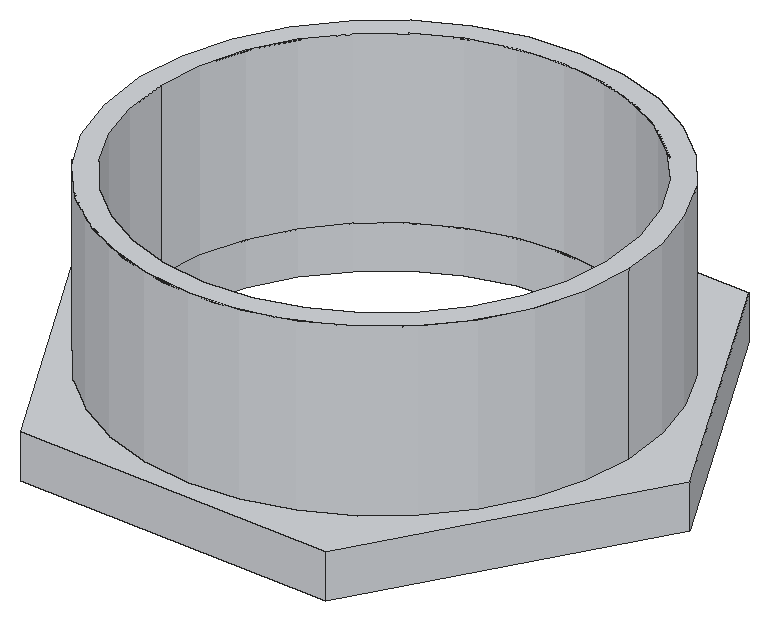
Revit family "MBBL7", category Generic Models, Revit 2017
Family settings
  Can host rebar = No
  Round Connector Dimension = Use Diameter
  Part Type = Normal
  Work Plane-Based = Yes
  Always vertical = No
  Cut with Voids When Loaded = No
  Shared = No
  Room Calculation Point = No
Parameters (values of type "NBS Standard Parameters")
  Weight = "0.0895Kg"
  WarrantyStartDate [instance] = "1900-12-31T23:59:59"
  WarrantyGuarantorParts = "n/a"
  WarrantyGuarantorLabor = "n/a"
  WarrantyDurationUnit = "1 year"
  WarrantyDurationParts = "1 year"
  WarrantyDurationLabor = "n/a"
  WarrantyDescription = "n/a"
  Version = "1"
  Uniclass2 = "Pr_65_70_11_20"
  TagNumber [instance] = "n/a"
  SustainabilityPerformance = "n/a"
  Size = "2.5\""
  Shape = "Circular"
  SerialNumber [instance] = "n/a"
  Revision = "n/a"
  ReplacementCost = "n/a"
  ProductInformation = "www.metpro.co.uk/pdf/mbbl7.pdf"
  NominalWidth = 67 mm
  NominalLength = 67 mm
  NominalHeight = 27 mm
  Name = ""
  NBSTypeID = ""
  NBSReference = "90-55-10/460"
  NBSOfficeMasterTag = ""
  NBSNote = ""
  NBSDescription = "Conduit Fittings"
  NBSCertification = ""
  ModelReference = "MBBL7"
  ModelNumber = "n/a"
  Material = "Brass"
  ManufacturerURL = "www.metpro.co.uk"
  ManufacturerName = "Metpro Ltd"
  InstallationDate [instance] = "1900-12-31T23:59:59"
  IfcExportType = ""
  IfcExportAs = ""
  Grade = "n/a"
  Finish = "Self Colour"
  Features = "n/a"
  ExpectedLife = "n/a"
  DurationUnit = "year"
  Description = "MBBL7  -2.5\" Male Brass Bush - Long"
  Default Elevation = 1219.2 mm
  Constituents = "n/a"
  Color = "n/a"
  CodePerformance = "n/a"
  Category = "n/a"
  BarCode [instance] = "n/a"
  BIMObjectName = "Metpro_metprolibrary_conduitfittings_metalcomponent_brassaccessories"
  Author = "Metpro Ltd"
  AssetType = "Fixed"
  AssetIdentifier [instance] = "n/a"
  AccessibilityPerformance = "n/a"
Reference planes
  plane 1 "Center (Front/Back)": y = 0
  plane 2: z = 0
  plane 3 "Center (Left/Right)": x = 0
Forms (mm)
  Extrusion 1, solid
    sketch origin (0, 0, 0) x (1, 0, 0) y (0, 1, 0)
      loop
        circle (10.04, 13.158) r 28.375
      loop
        line (29.375, -20.331) -> (48.71, 13.158) -> (29.375, 46.647) -> (-9.295, 46.647) -> (-28.63, 13.158) -> (-9.295, -20.331) -> (29.375, -20.331)
    from 0 to 5.5
  Extrusion 2, solid
    sketch origin (0, 0, 3.5) x (1, 0, 0) y (0, 1, 0)
      loop
        circle (10.04, 13.158) r 28.375
      loop
        circle (10.04, 13.158) r 31
    from 2 to 23.5
Dimensions and locks
  aligned and locked: level to plane 2
